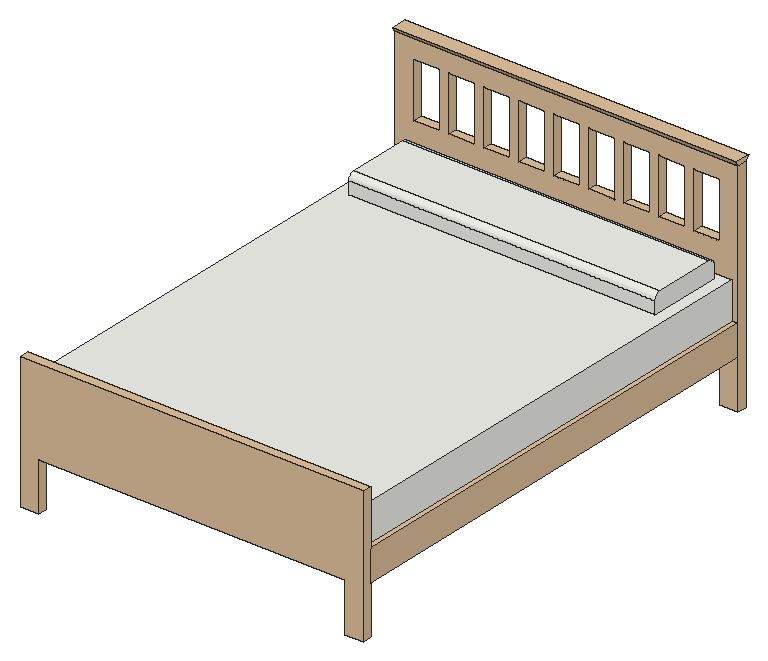
Revit family "Bed-Shaker", category Furniture, Revit 2018
Family settings
  OmniClass Number = 23.40.20.17.14.11
  OmniClass Title = Beds
  Work Plane-Based = No
  Always vertical = Yes
  Cut with Voids When Loaded = No
  Shared = No
  Room Calculation Point = No
Parameters (values of type "Double 56" x 78"")
  Assembly Code = "E2020200"
  Frame Material = Birch
  Length = 6' - 6"
  Mattress Material = Linen, White
  Width = 4' - 8"
Types (4): name | Length | Width
  Double 56" x 78" | 6' - 6" | 4' - 8"
  Twin 41" x 78" | 6' - 6" | 3' - 5"
  Queen 62" x 83" | 6' - 11" | 5' - 2"
  King 78" x 83" | 6' - 11" | 6' - 6"
Reference planes (in)
  plane 1 "Back": y = 0
  plane 2: z = 0
  plane 3 "Center (Left/Right)": x = -0.75
  plane 4: x = -28.75
  plane 5: x = 27.25
  plane 6 "Front": y = -78
  plane 7: z = 36
  plane 8: z = 19
  plane 9: x = 25.75
  plane 10: x = -25.75
  plane 11: x = 24.25
Forms (in)
  Extrusion 1, solid, material "Birch" <- "Frame Material"
    sketch origin (0, 0, 0) x (1, 0, 0) y (0, 0, 1)
      loop
        line (-28.7416, 36) -> (-28.7416, 0) -> (-25.75, 0) -> (-25.75, 8) -> (24.25, 8) -> (24.25, 0) -> (27.2605, 0) -> (27.2605, 36) -> (-28.7416, 36)
      loop
        line (-25.75, 33) -> (-25.75, 24) -> (-21.52778, 24) -> (-21.52778, 33) -> (-25.75, 33)
      loop
        line (-20.02778, 33) -> (-20.02778, 24) -> (-15.80556, 24) -> (-15.80556, 33) -> (-20.02778, 33)
      loop
        line (-14.30556, 33) -> (-14.30556, 24) -> (-10.08333, 24) -> (-10.08333, 33) -> (-14.30556, 33)
      loop
        line (-8.58333, 33) -> (-8.58333, 24) -> (-4.36111, 24) -> (-4.36111, 33) -> (-8.58333, 33)
      loop
        line (2.86111, 33) -> (2.86111, 24) -> (7.08333, 24) -> (7.08333, 33) -> (2.86111, 33)
      loop
        line (8.58333, 33) -> (8.58333, 24) -> (12.80556, 24) -> (12.80556, 33) -> (8.58333, 33)
      loop
        line (14.30556, 33) -> (14.30556, 24) -> (18.52778, 24) -> (18.52778, 33) -> (14.30556, 33)
      loop
        line (20.02778, 33) -> (20.02778, 24) -> (24.25, 24) -> (24.25, 33) -> (20.02778, 33)
      loop
        line (-2.86111, 33) -> (-2.86111, 24) -> (1.36111, 24) -> (1.36111, 33) -> (-2.86111, 33)
    from 0 to 1.5
  Extrusion 2, solid, material "Birch" <- "Frame Material"
    sketch origin (0, -78, 0) x (1, 0, 0) y (0, 0, 1)
      loop
        line (-28.75, 0) -> (-25.75, 0) -> (-25.75, 8) -> (24.25, 8) -> (24.25, 0) -> (27.25, 0) -> (27.25, 22) -> (-28.75, 22) -> (-28.75, 0)
    from 0 to -1.5
  Extrusion 3, solid, material "Birch" <- "Frame Material"
    sketch origin (0, 0, 0) x (0, -1, 0) y (0, 0, 1)
      loop
        line (1.5, 8.01478) -> (76.5, 8.01478) -> (76.5, 13.01478) -> (1.5, 13.01478) -> (1.5, 8.01478)
    from 27.75 to 28.75
  Extrusion 4, solid, material "Birch" <- "Frame Material"
    sketch origin (27.25, 0, 0) x (0, -1, 0) y (0, 0, 1)
      loop
        line (76.5, 7.99604) -> (76.5, 12.99604) -> (1.5, 12.99604) -> (1.5, 7.99604) -> (76.5, 7.99604)
    from 0 to 1
  Extrusion 5, solid, material "Linen, White" <- "Mattress Material"
    sketch origin (0, 0, 0) x (1, 0, 0) y (0, 1, 0)
      loop
        line (-27.75, -1.5) -> (-27.75, -76.5) -> (26.25, -76.5) -> (26.25, -1.5) -> (-27.75, -1.5)
    from 9 to 19
  Extrusion 6, solid, material "Linen, White" <- "Mattress Material"
    sketch origin (-28.75, 0, 0) x (0, -1, 0) y (0, 0, 1)
      loop
        line (2.69483, 19) -> (14.69483, 19) -> (14.69483, 21)
        arc (14.69483, 21) -> (14.40194, 21.70711) -> (13.69483, 22) r 1
        line (13.69483, 22) -> (3.69483, 22)
        arc (3.69483, 22) -> (2.98772, 21.70711) -> (2.69483, 21) r 1
        line (2.69483, 21) -> (2.69483, 19)
    from -53 to -3
  Sweep 7, solid, material "Birch" <- "Frame Material"
    path origin (0, 0, 0) x (1, 0, 0) y (0, 1, 0)
      loop
        line (-28.7416, 0) -> (27.2605, 0)
    profile origin (-0.74055, 0, 0) x (0, 1, 0) y (0, 0, 1)
      loop
        line (0, 36) -> (0.54545, 36.75) -> (-2.04545, 36.75) -> (-1.5, 36) -> (0, 36)
Lines and regions (in)
  Masking region 1
    outline origin (0, 0, 0) x (1, 0, 0) y (0, 1, 0)
      loop
        line (-28.75, 0) -> (-28.75, -78) -> (27.25, -78) -> (27.25, 0) -> (-28.75, 0)
  symbolic lines
    curve 1: line (27.25, -78, 0) -> (-28.7416, -78, 0)
    curve 2: line (27.25, 0, 0) -> (27.25, -78, 0)
    curve 3: line (-28.7416, 0, 0) -> (27.25, 0, 0)
    curve 4: line (-28.7416, -78, 0) -> (-28.7416, 0, 0)
    curve 5: line (27.25, -76.5, 0) -> (-28.7416, -76.5, 0)
    curve 6: line (27.25, -2.04545, 0) -> (-28.7416, -2.04545, 0)
    curve 7: line (24.25, -14.69483, 0) -> (-25.75, -14.69483, 0)
    curve 8: line (24.25, -2.69483, 0) -> (24.25, -14.69483, 0)
    curve 9: line (-25.75, -2.69483, 0) -> (24.25, -2.69483, 0)
    curve 10: line (-25.75, -14.69483, 0) -> (-25.75, -2.69483, 0)
Dimensions and locks (in)
  equal spacing: plane 4, plane 3 "Center (Left/Right)", plane 5
  "Width": plane 4 to plane 5
  "Length": plane 6 "Front" to plane 1 "Back"
  locked: Extrusion 1 sketch curve to Extrusion 1 sketch curve at 2.9916
  locked: Extrusion 1 sketch curve to Extrusion 1 sketch curve at 1.5  (x8)
  plane 2 to plane 7 = 3' - 0"
  locked: Extrusion 1 to plane 1 "Back" at 1.5
  locked: Extrusion 3 to plane 4 at 1  (x2)
  locked: plane 6 "Front" to Extrusion 3 sketch curve at 1.5
  locked: Extrusion 3 sketch curve to plane 1 "Back" at 1.5
  locked: plane 6 "Front" to Extrusion 4 sketch curve at 1.5
  locked: Extrusion 4 sketch curve to plane 1 "Back" at 1.5
  locked: Extrusion 4 to Extrusion 4 at 1
  locked: Extrusion 4 to plane 5 at 1
  locked: Extrusion 5 sketch curve to Extrusion 1 at 1.5
  locked: plane 6 "Front" to Extrusion 5 sketch curve at 1.5
  equal spacing: Extrusion 1 sketch curve, plane 3 "Center (Left/Right)", Extrusion 1 sketch curve
  equal spacing: plane 9, Extrusion 1 sketch curve, Extrusion 1 sketch curve, Extrusion 1 sketch curve, Extrusion 1 sketch curve, Extrusion 1 sketch curve, Extrusion 1 sketch curve, Extrusion 1 sketch curve, Extrusion 1 sketch curve, Extrusion 1 sketch curve
  locked: plane 9 to plane 5 at 1.5
  locked: plane 5 to Extrusion 1 sketch curve at 3
  locked: plane 4 to plane 10 at 3
  locked: plane 11 to plane 5 at 3
  aligned and locked: plane 7 to Extrusion 1 sketch curve
  aligned and locked: plane 4 to Extrusion 2 sketch curve
  aligned and locked: Extrusion 2 sketch curve to plane 5
  aligned and locked: plane 4 to Extrusion 3
  aligned and locked: Sweep 7 sketch curve to Extrusion 1  (x3)
  aligned and locked: Masking region 1 sketch curve to plane 4
  aligned and locked: plane 5 to Masking region 1 sketch curve
  aligned and locked: plane 1 "Back" to Masking region 1 sketch curve
  aligned and locked: Masking region 1 sketch curve to plane 6 "Front"
  aligned and locked: plane 10 to Extrusion 6
  aligned and locked: Extrusion 6 to plane 11
  aligned and locked: plane 11 to curve 8
  aligned and locked: curve 10 to plane 10
Automatic sketch dimensions
  Extrusion 1 sketch curve to level = 0' - 0"  (x2)
  Extrusion 1 sketch curve to plane 4 = 0' - 3"
  plane 5 to Extrusion 1 sketch curve = 0' - 3"
  level to Extrusion 1 sketch curve = 0' - 8"
  level to Extrusion 1 sketch curve = 2' - 0"
  Extrusion 1 sketch curve to Extrusion 1 sketch curve = 0' - 0"  (x12)
  Extrusion 1 sketch curve to Extrusion 1 sketch curve = 1' - 0"  (x2)
  plane 7 to Extrusion 1 sketch curve = 0' - 3"  (x3)
  Extrusion 1 sketch curve to plane 5 = 0' - 0.0105"
  Extrusion 2 sketch curve to level = 0' - 0"  (x2)
  Extrusion 2 sketch curve to plane 4 = 0' - 3"
  Extrusion 2 sketch curve to Extrusion 2 sketch curve = 0' - 3"
  level to Extrusion 2 sketch curve = 0' - 8"
  Extrusion 2 sketch curve to Extrusion 2 sketch curve = 1' - 2"
  level to Extrusion 3 sketch curve = 0' - 8.01478"
  Extrusion 3 sketch curve to Extrusion 3 sketch curve = 0' - 5"
  level to Extrusion 4 sketch curve = 0' - 7.99604"
  Extrusion 4 sketch curve to Extrusion 4 sketch curve = 0' - 5"
  Extrusion 5 sketch curve to plane 4 = 0' - 1"
  plane 5 to Extrusion 5 sketch curve = 0' - 1"
  Sweep 7 sketch curve to profile plane = 0' - 0"
  profile plane to Sweep 7 sketch curve = 0' - 1 1/2"
  Sweep 7 sketch curve to Sweep 7 sketch curve = 0' - 0.54545"
  Sweep 7 sketch curve to profile plane = 0' - 0.54545"
  level to Sweep 7 sketch curve = 3' - 0"
  Sweep 7 sketch curve to Sweep 7 sketch curve = 0' - 0 3/4"
  Extrusion 6 sketch curve to plane 8 = 0' - 0"
  plane 1 "Back" to Extrusion 6 sketch curve = 0' - 2.69483"
  Extrusion 6 sketch curve to Extrusion 6 sketch curve = 0' - 1"  (x2)
  plane 8 to Extrusion 6 sketch curve = 0' - 2"
  Extrusion 6 sketch curve to Extrusion 6 sketch curve = 0' - 10"
  curve 1 to plane 6 "Front" = 0' - 0"
  curve 4 to plane 1 "Back" = 0' - 0"
  curve 3 to plane 5 = 0' - 0"
  curve 5 to plane 4 = 0' - 0.0084"
  curve 1 to curve 5 = 0' - 1 1/2"
  plane 1 "Back" to curve 8 = 1' - 2.69483"
  plane 1 "Back" to curve 8 = 0' - 2.69483"
  plane 1 "Back" to curve 6 = 0' - 2.04545"
